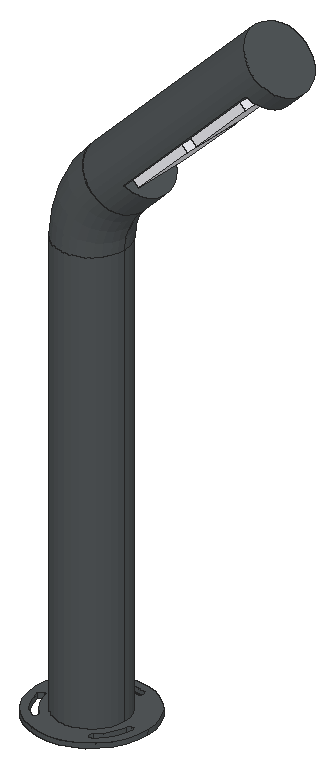
Revit family "Дио_мини", category Осветительные приборы, Revit 2019 (continued)
Parameters (values of type "ДТУ932 Светодиодный светильник Дио мини ДТУ-93-AF-12Вт-0,9")
    9.3 56.0 52.6 49.4 46.4 43.8 41.6 39.5 37.5 35.6 33.9 32.2\r\n 30.6 29.1 27.7 26.3 25.1 24.0 23.1 22.0 20.9 20.0 19.1 18.3 17.5 16.9 16.3 15.8 15.2 14.6 13.9 13.1 12.1 11.3 10.4 9.6 9.0 8.3\r\n 7.7 7.1 6.4 5.7 5.3 4.8 4.3 3.7 3.1 2.5 2.1 1.7 1.5 1.4 1.3 1.2 1.2 1.0 0.9 0.8 0.8 0.7 0.7 0.5 0.1 0.0 0.0 0.0 0.0 0.0 0.0 0.0\r\n 0.0 0.0 0.0 0.0 0.0 0.0 0.0 0.0 0.0 0.0 0.0 0.0 0.0 0.0 0.0 0.0 0.0 0.0 0.0 0.0 0.0 0.0 0.0 0.0 0.0 0.0 0.0 0.0 0.0 0.0 0.0 0.0\r\n 0.0 0.0 0.0 0.0 0.0 0.0 0.0 0.0 0.0 0.0 0.0 0.0 0.0 0.0 0.0 0.0 0.0 0.0 0.0 0.0 0.0 0.0 0.0 0.0 0.0 0.0 0.0 0.0 0.0 0.0 0.0 0.0\r\n 0.0 0.0 0.0 0.0 0.0 0.0 0.0 0.0 0.0 0.0 0.0 0.0 0.0 0.0 0.0 0.0 0.0 0.0 0.0 0.0 0.0 0.0 0.0 0.0 0.0 0.0 0.0 0.0 0.0 0.0 0.0 0.0\r\n 0.0 0.0 0.0 0.0 0.0 0.0 0.0 0.0 0.0 0.0 0.0 0.0 0.0 0.0 0.0 0.0 0.0 0.0 0.0 0.0 0.0 0.0 0.0 0.0 0.0 0.0 0.0 0.0 0.0 0.0 0.0 0.0\r\n 0.0 0.0 0.0 0.0 0.0 0.0 0.0 0.0 0.0 0.0 0.0 0.0 0.0 0.0 0.0 0.0 0.0 0.0 0.0 0.0 0.0 0.0 0.0 0.0\r\n258.3 261.3 263.1 264.9 266.7 268.8 270.9 273.2 275.6 278.1 281.0 283.9 287.0 290.1 293.2 296.3 299.4 302.5 305.7 308.6 311.4\r\n 314.1 316.8 319.4 321.9 324.3 326.7 329.1 331.4 333.7 335.8 337.9 339.9 341.9 343.6 345.4 347.2 348.7 350.3 351.7 353.2 354.5\r\n 355.8 356.9 358.0 358.9 359.7 360.5 361.2 361.8 362.5 363.2 363.8 364.6 365.4 366.2 366.9 367.5 367.9 368.7 369.4 370.3 371.3\r\n 372.4 373.5 374.8 375.9 376.9 377.7 378.6 379.5 380.1 380.2 379.9 378.6 377.3 375.5 373.7 371.4 368.5 365.3 362.1 359.0 356.1\r\n 353.6 351.5 349.9 348.3 347.2 345.6 344.3 342.5 340.5 338.1 335.3 331.9 328.1 323.7 318.8 313.5 308.0 302.0 295.6 289.3 283.0\r\n 277.2 271.5 265.8 260.0 254.0 248.4 242.7 237.4 231.9 226.8 222.1 217.8 214.1 210.2 206.4 202.9 199.2 195.9 192.1 188.4 184.5\r\n 180.3 176.0 171.0 165.1 159.0 152.4 145.1 138.1 131.4 124.4 118.2 112.1 105.3 97.9 91.1 84.1 76.7 69.8 63.7 58.2 53.2 48.8 45.2\r\n 41.8 38.6 35.7 33.4 31.5 29.8 28.1 26.6 25.3 24.1 22.9 21.8 21.0 20.1 19.1 18.4 17.6 16.9 16.2 15.6 14.9 14.0 13.0 12.0 10.9 10.0\r\n 9.2 8.5 7.7 7.0 6.3 5.6 5.1 4.8 4.4 3.8 3.3 2.8 2.4 2.1 1.9 1.6 1.5 1.5 1.4 1.3 1.2 1.1 0.9 0.9 0.8 0.7 0.1 0.0 0.0 0.0 0.0 0.0\r\n 0.0 0.0 0.0 0.0 0.0 0.0 0.0 0.0 0.0 0.0 0.0 0.0 0.0 0.0 0.0 0.0 0.0 0.0 0.0 0.0 0.0 0.0 0.0 0.0 0.0 0.0 0.0 0.0 0.0 0.0 0.0 0.0\r\n 0.0 0.0 0.0 0.0 0.0 0.0 0.0 0.0 0.0 0.0 0.0 0.0 0.0 0.0 0.0 0.0 0.0 0.0 0.0 0.0 0.0 0.0 0.0 0.0 0.0 0.0 0.0 0.0 0.0 0.0 0.0 0.0\r\n 0.0 0.0 0.0 0.0 0.0 0.0 0.0 0.0 0.0 0.0 0.0 0.0 0.0 0.0 0.0 0.0 0.0 0.0 0.0 0.0 0.0 0.0 0.0 0.0 0.0 0.0 0.0 0.0 0.0 0.0 0.0 0.0\r\n 0.0 0.0 0.0 0.0 0.0 0.0 0.0 0.0 0.0 0.0 0.0 0.0 0.0 0.0 0.0 0.0 0.0 0.0 0.0 0.0 0.0 0.0 0.0 0.0 0.0 0.0 0.0 0.0 0.0 0.0 0.0 0.0\r\n 0.0 0.0 0.0 0.0 0.0 0.0 0.0 0.0 0.0 0.0 0.0 0.0 0.0 0.0 0.0 0.0 0.0 0.0 0.0 0.0 0.0 0.0 0.0 0.0 0.0 0.0\r\n258.3 261.0 262.6 264.1 265.8 267.7 269.5 271.6 273.7 275.9 278.3 280.9 283.5 286.5 289.3 292.0 294.7 297.5 300.4 303.2 306.0\r\n 308.7 311.2 313.6 316.0 318.3 320.5 322.8 325.0 326.9 329.0 331.0 333.0 334.8 336.6 338.4 340.1 341.8 343.4 345.0 346.5 347.9\r\n 349.4 350.8 352.0 353.1 354.3 355.4 356.4 357.3 358.2 359.1 360.0 360.9 361.8 362.8 364.0 365.2 366.4 367.7 369.0 370.5 372.1\r\n 373.5 375.4 377.3 379.5 381.5 383.2 384.9 386.6 388.3 389.7 390.6 390.9 390.9 390.3 389.8 389.1 387.9 386.3 384.4 382.6 380.7\r\n 379.1 378.2 377.6 377.1 376.9 376.8 376.5 375.8 374.9 373.9 372.6 371.1 369.5 368.0 366.0 363.6 360.7 357.5 353.8 349.7 345.1\r\n 339.9 334.8 329.7 324.6 319.6 314.4 309.1 304.1 299.4 295.4 291.1 287.1 283.0 278.8 274.9 271.1 268.0 264.9 262.2 258.7 255.0\r\n 251.0 246.5 242.1 236.4 230.0 223.1 215.9 209.0 202.1 194.4 186.4 178.0 169.2 160.4 150.5 140.4 130.1 120.1 110.3 100.9 91.7 82.8\r\n 74.2 66.2 59.0 52.5 46.7 41.8 38.0 35.2 32.7 30.4 28.3 26.4 25.0 23.8 22.5 21.3 20.1 19.1 18.3 17.4 16.4 15.4 14.4 13.5 12.6 11.7\r\n 10.6 9.7 8.9 8.0 7.1 6.2 5.5 5.0 4.6 4.2 3.7 3.3 2.9 2.6 2.3 2.1 1.9 1.8 1.7 1.6 1.6 1.5 1.4 1.3 1.1 1.1 0.9 0.2 0.0 0.0 0.0 0.0\r\n 0.0 0.0 0.0 0.0 0.0 0.0 0.0 0.0 0.0 0.0 0.0 0.0 0.0 0.0 0.0 0.0 0.0 0.0 0.0 0.0 0.0 0.0 0.0 0.0 0.0 0.0 0.0 0.0 0.0 0.0 0.0 0.0\r\n 0.0 0.0 0.0 0.0 0.0 0.0 0.0 0.0 0.0 0.0 0.0 0.0 0.0 0.0 0.0 0.0 0.0 0.0 0.0 0.0 0.0 0.0 0.0 0.0 0.0 0.0 0.0 0.0 0.0 0.0 0.0 0.0\r\n 0.0 0.0 0.0 0.0 0.0 0.0 0.0 0.0 0.0 0.0 0.0 0.0 0.0 0.0 0.0 0.0 0.0 0.0 0.0 0.0 0.0 0.0 0.0 0.0 0.0 0.0 0.0 0.0 0.0 0.0 0.0 0.0\r\n 0.0 0.0 0.0 0.0 0.0 0.0 0.0 0.0 0.0 0.0 0.0 0.0 0.0 0.0 0.0 0.0 0.0 0.0 0.0 0.0 0.0 0.0 0.0 0.0 0.0 0.0 0.0 0.0 0.0 0.0 0.0 0.0\r\n 0.0 0.0 0.0 0.0 0.0 0.0 0.0 0.0 0.0 0.0 0.0 0.0 0.0 0.0 0.0 0.0 0.0 0.0 0.0 0.0 0.0 0.0 0.0 0.0 0.0 0.0 0.0\r\n258.3 260.7 262.1 263.4 264.9 266.3 268.0 269.8 271.5 273.5 275.6 277.6 279.9 282.2 284.6 287.1 289.5 291.9 294.3 296.8 299.4\r\n 301.9 304.4 306.7 309.0 311.3 313.3 315.3 317.3 319.1 321.1 323.0 324.9 326.6 328.3 330.1 331.7 333.4 335.1 336.7 338.4 339.9\r\n 341.4 342.8 344.2 345.6 346.9 348.2 349.5 350.7 351.8 353.0 354.1 355.4 356.6 357.9 359.3 360.8 362.4 364.3 366.3 368.4 370.2\r\n 372.2 373.9 375.8 378.1 380.7 383.2 385.5 387.9 390.0 392.2 394.4 396.3 397.6 398.5 399.2 399.8 400.4 400.9 401.0 401.0 400.9\r\n 400.6 400.6 400.9 401.6 402.7 404.0 404.9 405.7 406.3 406.8 407.2 407.2 407.6 408.5 408.8 409.3 410.1 410.2 410.7 409.5 407.7\r\n 404.9 401.0 397.7 392.7 388.2 383.3 378.2 372.9 367.2 361.8 356.2 350.6 344.7 339.3 334.3 330.1 326.5 323.2 319.9 316.5 312.8\r\n 308.9 304.5 300.0 295.0 290.4 284.5 278.0 270.6 262.3 253.4 243.5 234.1 224.1 214.3 204.9 195.1 185.5 175.2 163.8 152.4 140.5\r\n 128.7 117.5 106.9 96.9 87.5 78.7 70.4 63.4 56.9 51.0 45.5 41.0 37.0 33.5 30.4 27.7 25.3 23.3 21.5 20.0 18.6 17.3 16.1 15.1 13.9\r\n 12.7 11.6 10.6 9.6 8.8 8.0 7.0 6.0 5.3 4.8 4.3 3.9 3.5 3.1 2.8 2.5 2.3 2.2 2.1 1.9 1.8 1.8 1.7 1.7 1.7 1.6 1.4 1.3 1.0 0.1 0.0\r\n 0.0 0.0 0.0 0.0 0.0 0.0 0.0 0.0 0.0 0.0 0.0 0.0 0.0 0.0 0.0 0.0 0.0 0.0 0.0 0.0 0.0 0.0 0.0 0.0 0.0 0.0 0.0 0.0 0.0 0.0 0.0 0.0\r\n 0.0 0.0 0.0 0.0 0.0 0.0 0.0 0.0 0.0 0.0 0.0 0.0 0.0 0.0 0.0 0.0 0.0 0.0 0.0 0.0 0.0 0.0 0.0 0.0 0.0 0.0 0.0 0.0 0.0 0.0 0.0 0.0\r\n 0.0 0.0 0.0 0.0 0.0 0.0 0.0 0.0 0.0 0.0 0.0 0.0 0.0 0.0 0.0 0.0 0.0 0.0 0.0 0.0 0.0 0.0 0.0 0.0 0.0 0.0 0.0 0.0 0.0 0.0 0.0 0.0\r\n 0.0 0.0 0.0 0.0 0.0 0.0 0.0 0.0 0.0 0.0 0.0 0.0 0.0 0.0 0.0 0.0 0.0 0.0 0.0 0.0 0.0 0.0 0.0 0.0 0.0 0.0 0.0 0.0 0.0 0.0 0.0 0.0\r\n 0.0 0.0 0.0 0.0 0.0 0.0 0.0 0.0 0.0 0.0 0.0 0.0 0.0 0.0 0.0 0.0 0.0 0.0 0.0 0.0 0.0 0.0 0.0 0.0 0.0 0.0 0.0 0.0 0.0 0.0\r\n258.3 260.4 261.5 262.6 263.8 265.1 266.5 268.1 269.5 271.1 272.9 274.6 276.4 278.3 280.2 282.2 284.3 286.4 288.4 290.6 292.8\r\n 295.0 297.0 299.2 301.3 303.4 305.4 307.2 309.1 311.0 312.7 314.4 316.0 317.7 319.4 321.0 322.6 324.1 325.8 327.5 329.1 330.7\r\n 332.2 333.7 335.2 336.7 338.0 339.5 341.0 342.3 343.9 345.3 346.9 348.4 350.0 351.5 353.2 354.9 356.6 358.5 360.4 362.4 364.6\r\n 366.7 368.7 370.6 372.3 374.3 376.5 379.2 381.9 384.6 387.4 390.5 393.4 396.1 398.4 400.7 402.8 404.8 406.9 408.9 411.0 412.4\r\n 413.7 415.1 416.7 419.1 421.5 423.0 424.5 426.4 428.4 430.1 431.0 432.3 433.9 435.0 436.3 437.8 439.2 440.9 442.8 444.0 444.4\r\n 444.1 442.8 440.7 438.5 435.8 432.6 429.3 424.9 420.3 414.5 408.4 403.5 398.1 393.9 389.6 385.7 382.7 378.6 374.9 370.0 365.5\r\n 360.4 354.8 349.1 342.6 336.1 329.1 322.7 315.4 307.5 298.4 288.5 278.4 268.7 259.4 249.9 240.1 229.3 217.8 205.2 191.9 178.5\r\n 166.2 154.9 143.3 131.4 119.3 107.7 97.8 87.9 79.5 71.8 64.5 57.7 51.4 45.8 40.8 36.4 32.8 29.7 26.8 24.3 22.1 20.0 18.1 16.3\r\n 14.6 12.9 11.5 10.3 9.3 8.2 7.2 6.4 5.8 5.1 4.6 4.2 3.8 3.5 3.1 2.8 2.6 2.5 2.3 2.3 2.2 2.1 2.0 2.0 1.9 1.9 1.9 1.8 1.6 1.3 0.2\r\n 0.0 0.0 0.0 0.0 0.0 0.0 0.0 0.0 0.0 0.0 0.0 0.0 0.0 0.0 0.0 0.0 0.0 0.0 0.0 0.0 0.0 0.0 0.0 0.0 0.0 0.0 0.0 0.0 0.0 0.0 0.0 0.0\r\n 0.0 0.0 0.0 0.0 0.0 0.0 0.0 0.0 0.0 0.0 0.0 0.0 0.0 0.0 0.0 0.0 0.0 0.0 0.0 0.0 0.0 0.0 0.0 0.0 0.0 0.0 0.0 0.0 0.0 0.0 0.0 0.0\r\n 0.0 0.0 0.0 0.0 0.0 0.0 0.0 0.0 0.0 0.0 0.0 0.0 0.0 0.0 0.0 0.0 0.0 0.0 0.0 0.0 0.0 0.0 0.0 0.0 0.0 0.0 0.0 0.0 0.0 0.0 0.0 0.0\r\n 0.0 0.0 0.0 0.0 0.0 0.0 0.0 0.0 0.0 0.0 0.0 0.0 0.0 0.0 0.0 0.0 0.0 0.0 0.0 0.0 0.0 0.0 0.0 0.0 0.0 0.0 0.0 0.0 0.0 0.0 0.0 0.0\r\n 0.0 0.0 0.0 0.0 0.0 0.0 0.0 0.0 0.0 0.0 0.0 0.0 0.0 0.0 0.0 0.0 0.0 0.0 0.0 0.0 0.0 0.0 0.0 0.0 0.0 0.0 0.0 0.0 0.0 0.0 0.0\r\n258.3 260.1 260.9 261.9 262.8 263.9 265.0 266.3 267.4 268.8 270.1 271.4 272.8 274.2 275.6 277.2 278.7 280.4 282.2 284.0 285.6\r\n 287.4 289.0 290.8 292.6 294.3 296.0 297.8 299.5 301.2 302.9 304.5 306.2 307.7 309.3 311.0 312.3 314.0 315.4 317.0 318.4 320.0\r\n 321.5 322.9 324.4 325.9 327.5 329.0 330.7 332.2 333.9 335.5 337.0 338.7 340.4 342.2 343.8 345.4 347.1 348.6 350.3 352.0 353.8\r\n 355.9 357.9 359.8 361.9 363.8 365.9 368.1 370.6 373.2 375.8 378.7 381.9 385.4 388.6 391.7 394.9 397.8 400.7 403.6 406.6 409.3\r\n 412.1 415.1 418.4 422.0 425.1 427.7 430.4 433.0 435.4 437.3 438.9 440.7 442.7 444.6 446.5 448.4 450.0 451.9 453.9 455.9 458.1\r\n 459.9 461.2 462.2 461.8 459.0 455.2 450.9 445.3 439.9 435.3 431.0 427.3 424.1 421.5 419.1 416.3 412.6 407.9 403.7 399.5 395.1\r\n 390.8 385.0 379.7 374.0 367.7 361.5 354.1 346.9 338.7 330.4 322.4 314.1 306.1 296.7 287.5 276.6 265.8 253.1 241.0 228.3 216.1\r\n 203.9 191.9 180.0 167.0 154.5 141.6 129.3 117.6 106.3 95.5 85.2 75.9 68.1 61.1 54.0 47.5 41.9 37.1 32.9 29.5 26.6 24.0 21.4 19.0\r\n 16.5 14.3 12.3 10.9 9.9 8.9 7.8 6.8 6.1 5.3 4.7 4.2 3.9 3.7 3.3 3.0 2.8 2.6 2.5 2.4 2.3 2.3 2.2 2.2 2.1 2.1 2.1 2.0 2.0 1.6 0.2\r\n 0.0 0.0 0.0 0.0 0.0 0.0 0.0 0.0 0.0 0.0 0.0 0.0 0.0 0.0 0.0 0.0 0.0 0.0 0.0 0.0 0.0 0.0 0.0 0.0 0.0 0.0 0.0 0.0 0.0 0.0 0.0 0.0\r\n 0.0 0.0 0.0 0.0 0.0 0.0 0.0 0.0 0.0 0.0 0.0 0.0 0.0 0.0 0.0 0.0 0.0 0.0 0.0 0.0 0.0 0.0 0.0 0.0 0.0 0.0 0.0 0.0 0.0 0.0 0.0 0.0\r\n 0.0 0.0 0.0 0.0 0.0 0.0 0.0 0.0 0.0 0.0 0.0 0.0 0.0 0.0 0.0 0.0 0.0 0.0 0.0 0.0 0.0 0.0 0.0 0.0 0.0 0.0 0.0 0.0 0.0 0.0 0.0 0.0\r\n 0.0 0.0 0.0 0.0 0.0 0.0 0.0 0.0 0.0 0.0 0.0 0.0 0.0 0.0 0.0 0.0 0.0 0.0 0.0 0.0 0.0 0.0 0.0 0.0 0.0 0.0 0.0 0.0 0.0 0.0 0.0 0.0\r\n 0.0 0.0 0.0 0.0 0.0 0.0 0.0 0.0 0.0 0.0 0.0 0.0 0.0 0.0 0.0 0.0 0.0 0.0 0.0 0.0 0.0 0.0 0.0 0.0 0.0 0.0 0.0 0.0 0.0 0.0 0.0\r\n258.3 259.8 260.4 261.1 262.0 262.8 263.6 264.6 265.5 266.4 267.5 268.4 269.4 270.6 271.6 272.8 273.9 275.0 276.3 277.5 278.8\r\n 280.1 281.5 282.8 284.2 285.5 286.9 288.2 289.6 290.9 292.2 293.6 295.1 296.4 297.9 299.3 300.8 302.3 303.8 305.4 306.8 308.4\r\n 309.6 311.0 312.4 314.0 315.5 317.2 318.7 320.4 322.1 323.7 325.4 327.1 328.8 330.5 332.0 333.7 335.2 336.9 338.4 340.1 341.7\r\n 343.2 344.9 346.8 348.6 350.7 352.7 354.6 357.1 359.6 362.5 365.3 368.4 371.4 374.6 378.0 381.5 385.0 388.4 391.6 394.8 398.1\r\n 401.6 405.4 409.6 413.7 417.1 420.5 423.6 426.5 429.1 431.5 433.6 435.9 438.4 441.1 443.7 446.1 448.3 450.3 452.4 454.2 455.6\r\n 457.5 459.6 461.3 462.1 461.5 460.2 458.1 455.6 452.9 450.1 447.0 443.4 439.0 434.4 429.9 425.7 421.6 417.5 413.3 408.8 403.6\r\n 397.7 391.7 386.1 380.6 375.2 369.7 364.4 358.9 352.9 345.8 337.7 329.0 320.1 311.4 301.3 290.5 279.6 269.3 259.5 249.9 239.5\r\n 227.3 214.0 199.0 184.5 171.0 158.7 146.8 134.8 122.5 111.4 100.0 88.6 77.5 65.8 56.3 48.5 41.7 35.8 31.2 27.4 24.3 21.6 19.4\r\n 17.3 15.3 13.6 12.3 11.1 10.0 8.9 7.9 7.0 6.2 5.2 4.6 4.2 3.9 3.7 3.4 3.1 2.9 2.7 2.7 2.6 2.5 2.5 2.5 2.4 2.4 2.4 2.3 2.3 2.3 2.0\r\n 0.2 0.0 0.0 0.0 0.0 0.0 0.0 0.0 0.0 0.0 0.0 0.0 0.0 0.0 0.0 0.0 0.0 0.0 0.0 0.0 0.0 0.0 0.0 0.0 0.0 0.0 0.0 0.0 0.0 0.0 0.0 0.0\r\n 0.0 0.0 0.0 0.0 0.0 0.0 0.0 0.0 0.0 0.0 0.0 0.0 0.0 0.0 0.0 0.0 0.0 0.0 0.0 0.0 0.0 0.0 0.0 0.0 0.0 0.0 0.0 0.0 0.0 0.0 0.0 0.0\r\n 0.0 0.0 0.0 0.0 0.0 0.0 0.0 0.0 0.0 0.0 0.0 0.0 0.0 0.0 0.0 0.0 0.0 0.0 0.0 0.0 0.0 0.0 0.0 0.0 0.0 0.0 0.0 0.0 0.0 0.0 0.0 0.0\r\n 0.0 0.0 0.0 0.0 0.0 0.0 0.0 0.0 0.0 0.0 0.0 0.0 0.0 0.0 0.0 0.0 0.0 0.0 0.0 0.0 0.0 0.0 0.0 0.0 0.0 0.0 0.0 0.0 0.0 0.0 0.0 0.0\r\n 0.0 0.0 0.0 0.0 0.0 0.0 0.0 0.0 0.0 0.0 0.0 0.0 0.0 0.0 0.0 0.0 0.0 0.0 0.0 0.0 0.0 0.0 0.0 0.0 0.0 0.0 0.0 0.0 0.0 0.0 0.0 0.0\r\n258.3 259.5 260.0 260.4 261.1 261.8 262.3 262.9 263.6 264.3 265.0 265.6 266.2 267.0 267.7 268.4 269.2 270.0 270.7 271.4 272.1\r\n 273.1 273.9 274.7 275.8 276.7 277.5 278.7 279.6 280.5 281.6 282.5 283.6 284.7 285.7 286.9 288.0 289.1 290.4 291.6 292.9 294.2\r\n 295.5 296.8 298.3 299.9 301.3 303.0 304.5 306.1 307.7 309.3 310.9 312.3 313.8 315.2 316.7 318.2 319.7 321.2 322.8 324.3 325.9\r\n 327.5 329.1 330.7 332.5 334.4 336.3 338.3 340.3 342.4 344.9 347.6 350.5 353.3 356.4 359.5 362.7 365.9 369.2 372.4 375.7 379.0\r\n 383.0 387.2 391.8 396.2 400.0 403.6 407.2 410.3 413.1 415.0 417.0 419.6 422.0 424.5 426.8 428.9 431.0 433.3 435.6 437.7 439.5\r\n 441.8 444.2 447.0 450.3 453.9 456.3 457.2 456.8 455.0 452.0 448.6 444.8 441.2 437.3 433.0 428.6 424.7 420.5 416.4 411.7 406.1\r\n 400.3 394.9 390.3 386.0 381.7 377.6 373.1 367.8 360.7 352.3 343.8 335.4 326.4 317.6 309.1 300.3 292.2 284.3 274.9 263.8 251.4\r\n 237.2 223.0 210.2 197.3 184.9 170.1 155.6 141.1 128.0 114.7 102.4 88.8 74.1 61.4 51.3 43.7 37.5 32.4 28.2 24.6 21.6 19.4 17.4\r\n 15.4 13.7 12.3 11.4 10.5 9.4 8.3 7.4 6.7 6.1 5.5 4.8 4.2 3.8 3.7 3.5 3.2 2.9 2.8 2.8 2.8 2.7 2.7 2.7 2.7 2.6 2.6 2.6 2.5 2.5 2.2\r\n 0.1 0.0 0.0 0.0 0.0 0.0 0.0 0.0 0.0 0.0 0.0 0.0 0.0 0.0 0.0 0.0 0.0 0.0 0.0 0.0 0.0 0.0 0.0 0.0 0.0 0.0 0.0 0.0 0.0 0.0 0.0 0.0\r\n 0.0 0.0 0.0 0.0 0.0 0.0 0.0 0.0 0.0 0.0 0.0 0.0 0.0 0.0 0.0 0.0 0.0 0.0 0.0 0.0 0.0 0.0 0.0 0.0 0.0 0.0 0.0 0.0 0.0 0.0 0.0 0.0\r\n 0.0 0.0 0.0 0.0 0.0 0.0 0.0 0.0 0.0 0.0 0.0 0.0 0.0 0.0 0.0 0.0 0.0 0.0 0.0 0.0 0.0 0.0 0.0 0.0 0.0 0.0 0.0 0.0 0.0 0.0 0.0 0.0\r\n 0.0 0.0 0.0 0.0 0.0 0.0 0.0 0.0 0.0 0.0 0.0 0.0 0.0 0.0 0.0 0.0 0.0 0.0 0.0 0.0 0.0 0.0 0.0 0.0 0.0 0.0 0.0 0.0 0.0 0.0 0.0 0.0\r\n 0.0 0.0 0.0 0.0 0.0 0.0 0.0 0.0 0.0 0.0 0.0 0.0 0.0 0.0 0.0 0.0 0.0 0.0 0.0 0.0 0.0 0.0 0.0 0.0 0.0 0.0 0.0 0.0 0.0 0.0 0.0 0.0\r\n258.3 259.2 259.5 259.8 260.2 260.6 261.0 261.4 261.8 262.3 262.6 263.0 263.4 263.7 264.0 264.5 264.9 265.3 265.7 266.1 266.6\r\n 267.0 267.6 268.1 268.6 269.1 269.6 270.2 270.8 271.3 271.8 272.5 273.2 273.9 274.5 275.5 276.4 277.2 278.0 279.0 279.8 280.8\r\n 281.9 282.9 284.2 285.4 286.8 288.0 289.4 290.7 292.1 293.3 294.7 295.9 297.0 298.3 299.5 300.9 302.0 303.4 304.6 305.9 307.2\r\n 308.6 310.0 311.5 313.0 314.8 316.7 318.5 320.5 322.4 324.2 326.3 328.4 330.8 333.4 336.1 339.0 342.0 345.1 348.2 351.4 355.0\r\n 358.8 363.0 367.3 371.5 375.3 379.0 382.6 385.5 388.0 389.9 392.3 394.7 397.4 400.2 403.0 405.8 408.6 411.5 414.3 416.9 419.2\r\n 421.5 423.9 425.7 427.3 429.4 431.5 433.7 435.8 437.0 437.5 437.2 436.2 434.5 432.1 429.4 426.5 423.3 419.4 415.1 410.3 405.2\r\n 400.9 397.3 393.8 389.9 385.9 381.1 375.0 368.0 361.0 353.3 344.9 336.1 327.3 319.8 313.1 306.3 298.0 287.4 275.6 262.5 248.3\r\n 233.1 218.5 204.1 190.6 176.9 162.0 147.2 132.3 117.4 102.4 87.5 72.6 59.9 48.6 40.6 34.3 30.0 26.5 23.6 21.0 18.7 16.7 14.9 13.0\r\n 11.4 10.3 9.5 8.7 7.8 7.1 6.5 6.1 5.7 5.1 4.5 4.2 3.9 3.8 3.5 3.3 3.0 3.0 2.9 2.9 2.9 2.9 2.9 2.8 2.8 2.8 2.7 2.7 2.7 2.5 0.4 0.0\r\n 0.0 0.0 0.0 0.0 0.0 0.0 0.0 0.0 0.0 0.0 0.0 0.0 0.0 0.0 0.0 0.0 0.0 0.0 0.0 0.0 0.0 0.0 0.0 0.0 0.0 0.0 0.0 0.0 0.0 0.0 0.0 0.0\r\n 0.0 0.0 0.0 0.0 0.0 0.0 0.0 0.0 0.0 0.0 0.0 0.0 0.0 0.0 0.0 0.0 0.0 0.0 0.0 0.0 0.0 0.0 0.0 0.0 0.0 0.0 0.0 0.0 0.0 0.0 0.0 0.0\r\n 0.0 0.0 0.0 0.0 0.0 0.0 0.0 0.0 0.0 0.0 0.0 0.0 0.0 0.0 0.0 0.0 0.0 0.0 0.0 0.0 0.0 0.0 0.0 0.0 0.0 0.0 0.0 0.0 0.0 0.0 0.0 0.0\r\n 0.0 0.0 0.0 0.0 0.0 0.0 0.0 0.0 0.0 0.0 0.0 0.0 0.0 0.0 0.0 0.0 0.0 0.0 0.0 0.0 0.0 0.0 0.0 0.0 0.0 0.0 0.0 0.0 0.0 0.0 0.0 0.0\r\n 0.0 0.0 0.0 0.0 0.0 0.0 0.0 0.0 0.0 0.0 0.0 0.0 0.0 0.0 0.0 0.0 0.0 0.0 0.0 0.0 0.0 0.0 0.0 0.0 0.0 0.0 0.0 0.0 0.0 0.0\r\n258.3 258.9 259.1 259.2 259.5 259.6 259.8 260.0 260.2 260.4 260.4 260.5 260.6 260.7 260.8 260.9 261.0 261.0 261.2 261.4 261.5\r\n 261.6 261.8 261.9 262.2 262.5 262.6 262.8 262.9 263.2 263.6 263.9 264.3 264.5 264.9 265.5 266.0 266.5 266.9 267.5 268.1 268.8\r\n 269.6 270.4 271.2 272.1 273.2 274.1 275.0 276.0 277.0 277.8 278.8 279.6 280.5 281.7 282.7 283.8 284.6 285.6 286.8 287.8 289.0\r\n 290.3 291.8 293.1 294.5 296.0 297.6 299.2 300.9 302.6 304.5 306.3 307.9 309.7 311.8 313.8 315.7 318.1 320.7 323.3 326.2 329.4\r\n 332.9 336.6 340.7 344.7 348.5 352.0 355.0 357.5 359.5 361.3 363.0 365.2 367.4 369.8 372.4 374.9 377.6 380.4 383.3 386.0 388.6\r\n 391.6 394.3 396.6 398.4 400.3 402.3 404
